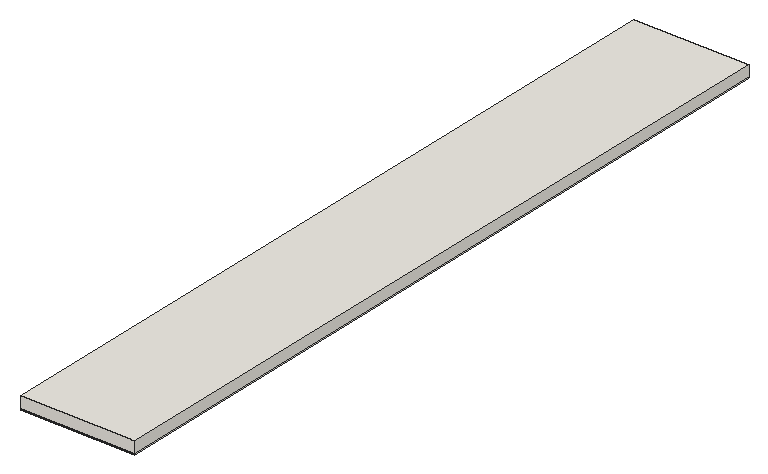
Revit family "ERA_LF_CR_SPO-7-40", category Осветительные приборы, Revit 2019
Family settings
  Размер круглого соединителя = Использовать диаметр
  Тип детали = Нормальный
  Номер OmniClass = 23.80.70.00
  Заголовок OmniClass = Lighting
  На основе рабочей плоскости = Нет
  Всегда вертикально = Да
  При загрузке вырезать с полостями = Нет
  Источник света = Да
  Общий = Нет
  Точка расчета площади = Да
Parameters (values of type "SPO-7-40-4K-M, LED, IP40, 1200х180х19 мм (ДхШхВ), 40 Вт, 4000 К, 2800 лм, класс защиты I, в комплекте (импульсный драйвер, поликарбонат)")
  built-in parameter 1150104 = 13.8 (stored number, unit not read)
  Чаша подвеса [instance] = yes
  built-in parameter 1150134 = 2
  Файл фотометрической сетки = "SPO-7-40-4K-M.ies"
  Угол наклона = 90.00°
  built-in parameter 1150142 = "IESNA:LM-63-2002\r\n[OTHER] \r\n[MANUFAC] ЭРА\r\n[LUMCAT] \r\n[LUMINAIRE] SPO-7-40-4K-M\r\n[TEST] 2245\r\n[TESTLAB]\r\n[LAMPCAT] \r\n[LAMP] LED\r\n[ISSUEDATE] \r\nTILT=NONE\r\n1 3200.000000 3.239 91 10 1 2 1.2000 0.18000 0.020000\r\n1 1 36.7\r\n0.0 2.0 4.0 6.0 8.0 10.0 12.0 14.0 16.0 18.0 20.0 22.0 24.0 26.0 28.0 30.0 32.0 34.0 36.0 38.0 40.0 42.0 44.0 46.0 48.0 50.0 52.0 54.0 56.0 58.0 60.0 62.0 64.0 66.0 68.0 70.0 72.0 74.0 76.0 78.0 80.0 82.0 84.0 86.0 88.0 90.0 92.0 94.0 96.0 98.0 100.0 102.0 104.0 106.0 108.0 110.0 112.0 114.0 116.0 118.0 120.0 122.0 124.0 126.0 128.0 130.0 132.0 134.0 136.0 138.0 140.0 142.0 144.0 146.0 148.0 150.0 152.0 154.0 156.0 158.0 160.0 162.0 164.0 166.0 168.0 170.0 172.0 174.0 176.0 178.0 180.0\r\n0.000 10.000 20.000 30.000 40.000 50.000 60.000 70.000 80.000 90.000\r\n284.6 284.2 283.5 282.8 281.3 279.9 277.7 275.2 272.5 269.5 266.0 262.1 258.1 253.6 248.6 243.5 238.1 232.2 225.9 219.6 212.8 205.9 198.5 191.0 183.4 175.7 167.8 159.7 151.7 143.5 135.0 127.3 119.2 111.2 103.7 95.9 88.7 81.5 74.7 67.9 61.2 54.9 49.0 43.2 37.8 33.1 28.6 24.5 20.9 17.8 14.9 12.4 10.3 8.5 7.0 5.9 5.2 4.5 4.0 3.4 3.1 3.1 3.1 3.1 3.1 3.1 3.1 3.1 3.1 3.1 3.1 3.2 3.2 3.2 3.2 3.2 3.2 3.2 3.2 3.4 3.4 3.4 3.4 3.2 3.1 3.1 2.9 2.7 3.1 3.2 3.6\r\n284.6 284.4 283.5 282.4 281.3 279.7 277.7 275.2 272.5 269.3 265.9 262.1 258.1 253.4 248.6 243.4 237.8 232.2 226.1 219.4 212.9 205.9 198.5 191.0 183.4 175.7 167.8 159.7 151.6 143.5 135.0 127.1 119.2 111.2 103.5 95.9 88.7 81.5 74.5 67.9 61.0 54.9 48.8 43.0 37.8 32.9 28.4 24.3 20.7 17.6 14.8 12.2 10.3 8.5 6.8 6.1 5.2 4.5 4.0 3.4 2.9 2.9 2.9 3.1 3.1 3.1 3.1 3.1 3.1 3.1 3.1 3.1 3.1 3.1 3.2 3.2 3.2 3.2 3.2 3.4 3.4 3.4 3.2 3.2 3.1 2.9 2.9 2.9 3.1 3.2 3.6\r\n284.6 284.2 283.5 282.4 281.3 279.7 277.6 275.2 272.5 269.3 265.9 262.3 257.9 253.6 248.6 243.5 237.8 232.2 226.1 219.4 212.8 205.7 198.7 191.0 183.2 175.7 167.8 159.5 151.6 143.3 135.0 127.1 119.0 111.1 103.5 95.9 88.6 81.4 74.3 67.7 60.8 54.5 48.6 42.8 37.6 32.6 28.3 24.1 20.7 17.5 14.6 12.2 10.1 8.3 6.8 5.9 5.2 4.5 3.8 3.2 3.1 3.1 3.1 3.1 3.1 3.1 3.1 3.1 3.1 3.1 3.2 3.2 3.2 3.2 3.2 3.2 3.2 3.2 3.2 3.4 3.4 3.4 3.2 3.2 3.1 2.9 2.9 2.9 3.1 3.2 3.4\r\n284.6 284.2 283.7 282.4 281.3 279.7 277.7 275.4 272.5 269.3 266.0 262.1 257.9 253.4 248.6 243.4 237.8 232.0 225.9 219.6 212.8 205.7 198.5 191.0 183.4 175.5 167.8 159.5 151.6 143.3 134.8 127.1 119.0 111.1 103.3 95.8 88.4 81.2 74.2 67.3 60.5 54.4 48.2 42.5 37.3 32.2 27.7 23.8 20.3 17.1 14.4 12.1 9.9 8.3 6.8 5.8 5.0 4.3 3.8 3.2 2.9 2.9 2.9 2.9 3.1 3.1 3.1 3.1 3.1 3.1 3.1 3.2 3.2 3.2 3.2 3.2 3.2 3.2 3.2 3.4 3.2 3.2 3.4 3.2 3.1 2.9 3.1 2.9 3.1 3.2 3.2\r\n284.8 284.2 283.5 282.4 281.2 279.7 277.6 275.2 272.5 269.3 265.9 262.1 258.1 253.4 248.6 243.2 237.8 232.0 226.1 219.4 212.6 205.6 198.2 191.0 183.1 175.3 167.4 159.3 151.6 143.1 134.8 126.7 118.8 110.9 103.1 95.6 88.0 80.8 73.8 67.0 60.1 53.8 47.7 42.1 36.7 31.9 27.5 23.6 20.0 16.9 14.0 11.7 9.7 7.9 6.7 5.6 5.0 4.3 3.6 3.1 2.7 2.7 2.7 2.9 2.9 2.9 3.1 3.1 3.1 3.1 3.1 3.2 3.2 3.2 3.2 3.2 3.2 3.2 3.2 3.2 3.4 3.4 3.4 3.2 3.2 3.1 2.9 2.9 3.1 3.2 3.2\r\n284.8 284.2 283.7 282.4 281.3 279.7 277.7 275.2 272.5 269.5 265.9 262.1 258.1 253.4 248.6 243.4 237.8 232.0 225.9 219.4 212.6 205.7 198.4 190.8 183.2 175.3 167.4 159.1 151.4 142.9 134.6 126.7 118.6 110.7 103.0 95.2 87.8 80.6 73.4 66.6 59.8 53.5 47.5 41.6 36.2 31.5 27.0 23.0 19.6 16.6 13.9 11.5 9.5 7.7 6.5 5.4 4.7 4.1 3.4 3.1 2.7 2.7 2.7 2.7 2.7 2.9 2.9 2.9 3.1 3.1 3.1 3.2 3.2 3.2 3.2 3.2 3.2 3.2 3.2 3.4 3.4 3.4 3.4 3.2 3.2 3.1 2.9 2.9 2.9 3.2 3.2\r\n284.8 284.2 283.7 282.4 281.3 279.5 277.6 275.2 272.5 269.3 265.9 262.1 257.9 253.4 248.6 243.4 237.8 232.0 225.7 219.2 212.6 205.7 198.4 190.8 183.1 175.3 167.4 159.1 151.2 142.9 134.5 126.5 118.4 110.5 102.6 95.0 87.5 80.3 73.1 66.2 59.4 53.1 47.0 41.2 36.0 31.1 26.6 22.7 19.3 16.2 13.5 11.2 9.2 7.4 6.1 5.2 4.5 4.0 3.4 2.9 2.5 2.5 2.7 2.7 2.7 2.9 2.9 3.1 3.1 3.1 3.1 3.2 3.2 3.2 3.2 3.2 3.4 3.4 3.4 3.4 3.4 3.4 3.4 3.4 3.2 3.1 2.9 2.9 2.9 3.1 3.2\r\n284.6 284.2 283.7 282.4 281.3 279.9 277.7 275.4 272.5 269.3 265.7 262.1 258.1 253.4 248.4 243.4 237.8 232.0 225.7 219.2 212.4 205.6 198.2 190.6 183.1 175.1 167.0 159.1 151.2 142.7 134.5 126.4 118.3 110.3 102.4 94.9 87.3 79.9 72.9 65.9 59.0 52.7 46.8 41.0 35.6 30.8 26.5 22.5 19.1 16.0 13.3 10.8 8.8 7.2 5.8 5.0 4.3 3.8 3.4 2.9 2.7 2.7 2.7 2.7 2.9 2.9 2.9 3.1 3.1 3.1 3.1 3.2 3.2 3.2 3.2 3.4 3.4 3.4 3.4 3.4 3.4 3.4 3.4 3.4 3.2 3.1 3.1 2.9 2.9 3.1 3.2\r\n284.9 284.2 283.5 282.6 281.3 279.5 277.6 275.4 272.5 269.3 265.9 262.1 257.9 253.4 248.4 243.2 237.6 232.0 225.7 219.2 212.6 205.6 198.2 190.6 182.9 175.1 167.2 159.1 151.0 142.7 134.3 126.4 118.3 110.2 102.2 94.7 87.1 79.9 72.7 65.9 59.0 52.7 46.6 40.9 35.5 30.6 26.1 22.3 18.5 14.6 11.5 9.4 7.6 6.3 5.2 4.5 4.0 3.6 3.2 2.9 2.7 2.7 2.7 2.9 2.9 2.9 3.1 3.1 3.1 3.1 3.2 3.2 3.2 3.2 3.2 3.4 3.4 3.4 3.4 3.4 3.4 3.6 3.4 3.4 3.2 3.1 3.1 2.9 2.9 3.1 3.2\r\n284.9 284.2 283.5 282.4 281.2 279.7 277.7 275.4 272.5 269.5 265.9 262.1 257.9 253.4 248.4 243.2 237.8 232.0 225.7 219.2 212.2 205.4 198.4 190.6 182.9 175.1 167.0 158.9 151.0 142.7 134.3 126.2 118.1 110.2 102.2 94.7 87.3 79.7 72.9 65.9 59.0 52.7 46.8 40.7 35.5 30.6 26.1 22.3 18.5 13.5 10.8 9.0 7.4 6.1 5.2 4.5 4.1 3.6 3.2 2.9 2.7 2.7 2.7 2.9 2.9 2.9 2.9 2.9 3.2 3.2 3.2 3.2 3.2 3.2 3.4 3.4 3.4 3.4 3.6 3.6 3.6 3.6 3.6 3.4 3.2 3.2 3.1 3.1 3.1 3.1 3.2\r\n"
  _УГО_Ширина = if(_Корпус_Ширина / УГО_Масштаб < 1.00 mm, 1.00 mm, _Корпус_Ширина / УГО_Масштаб)  # 1.80 mm
  УГО_Масштаб = 100
  _УГО_Длина = if(_Корпус_Длина / УГО_Масштаб < 1.00 mm, 1.00 mm, _Корпус_Длина / УГО_Масштаб)  # 12.00 mm
  _УГО_Диаметр = if(_Корпус_Длина / УГО_Масштаб < 1.00 mm, 1.00 mm, _Корпус_Длина / УГО_Масштаб)  # 12.00 mm
  УГО_Видимость [instance] = not(УГО_Реальный размер)  # yes
  УГО_Аварийный [instance] = no
  Тип установки = "Потолочный"
  Степень защиты IP = "IP40"
  built-in parameter 1150137 = (empty or 0)
  built-in parameter 1150132 = 2
  built-in parameter 1150114 = 1 (stored number, unit not read)
  Dimming Lamp Color Temperature Shift = (empty or 0)
  built-in parameter 1150105 = 417.78 (stored number, unit not read)
  Color Filter = 16777215
  Lumens = 2800 lm
  Разработчик модели = "https://www.teslabim.ru"
  built-in parameter 1150109 = 1 (stored number, unit not read)
  built-in parameter 1150112 = 1 (stored number, unit not read)
  built-in parameter 1150110 = 1 (stored number, unit not read)
  built-in parameter 1150113 = 1 (stored number, unit not read)
  built-in parameter 1150115 = 1 (stored number, unit not read)
  built-in parameter 1114218 = 1 (stored number, unit not read)
  built-in parameter 1114217 = 1 (stored number, unit not read)
  built-in parameter 1150106 = 4.1778 (stored number, unit not read)
  Emit from Rectangle Width = _Корпус_Ширина  # 180.00 mm
  Emit from Rectangle Length = _Корпус_Длина  # 1200.00 mm
  _Корпус_Ширина = if(ADSK_Размер_Ширина < 1.00 mm, 1.00 mm, ADSK_Размер_Ширина)  # 180.00 mm
  _Корпус_Длина = if(ADSK_Размер_Длина < 1.00 mm, 1.00 mm, ADSK_Размер_Длина)  # 1200.00 mm
  built-in parameter 1150133 = 10 (stored number, unit not read)
  Wattage = 35.3435 W
  built-in parameter 1150139 = (empty or 0)
  built-in parameter 1114216 [instance] = 1 (stored number, unit not read)
  Цвет = Белый
  УГО_Реальный размер [instance] = no
  Description = ""
  Lamp = ""
  Комплект = "Импульсный драйвер, поликарбонат"
  Класс пожароопасности = "Нет"
  Класс защиты = "I"
  built-in parameter 1150138 = (empty or 0)
  built-in parameter 1150107 = 4000 (stored number, unit not read)
  built-in parameter 1150102 = (empty or 0)
  Источник света = "LED"
  Manufacturer = ""
  Геометрия изделия = "Прямоугольный"
  Видимая форма излучения при визуализации = no
  _УГО_Аварийный [instance] = if(УГО_Аварийный, "A", " ")  # " "
  _Корпус_Диаметр = if(ADSK_Размер_Диаметр < 1.00 mm, 1.00 mm, ADSK_Размер_Диаметр)  # 1.00 mm
  _Корпус_Высота = if(ADSK_Размер_Высота < 1.00 mm, 1.00 mm, ADSK_Размер_Высота)  # 19.00 mm
  URL = "https://www.eraworld.ru/catalog/1009366"
  ADSK_Размер_Ширина = 180.00 mm
  ADSK_Размер_Длина = 1200.00 mm
  ADSK_Размер_Диаметр = 0.00 mm
  ADSK_Примечание = "Импульсный драйвер, поликарбонат"
  ADSK_Полная мощность = ADSK_Номинальная мощность / ADSK_Коэффициент мощности  # 44.4444 VA
  ADSK_Позиция = ""
  ADSK_Номинальная мощность = 40 W
  ADSK_Напряжение = 230 V
  ADSK_Наименование краткое = "Светильник"
  ADSK_Масса = 1.08
  ADSK_Марка = "SPO-7-40-4K-M"
  ADSK_Коэффициент мощности = 0.9
  ADSK_Количество фаз = 1
  ADSK_Код изделия = ""
  ADSK_Классификация нагрузок = Освещение
  ADSK_Размер_Высота = 19.00 mm
  ADSK_Обозначение = ADSK_Марка  # "SPO-7-40-4K-M"
  ADSK_Наименование = "Светильник, LED, прямоугольный, потолочный, IP40, 1200х180х19 мм (ДхШхВ), 40 Вт, 4000 К, 2800 лм, класс защиты I, в комплекте (импульсный драйвер, поликарбонат)"
  ADSK_Завод-изготовитель = "ЭРА"
  ADSK_Единица измерения = "шт."
Reference planes
  plane 1 "По центру (Вперед/Назад)": y = 0
  plane 2: z = 0
  plane 3 "По центру (Влево/Вправо)": x = 0
  plane 4 "ИС": z = -19
  plane 5 "H": z = 0
Dimensions and locks
  "ADSK_Размер_Высота": plane 4 "ИС" to plane 5 "H"
  aligned and locked: level to plane 2
  aligned and locked: imposter light to plane 4 "ИС"
  aligned and locked: nested 2 to plane 3 "По центру (Влево/Вправо)"
  aligned and locked: plane 1 "По центру (Вперед/Назад)" to nested 2
  aligned and locked: plane 2 to plane 5 "H"
Nested families
  nested 1: "GA_УГО" at (0, 0, 0), visible <- "УГО_Видимость", Аварийный <- "УГО_Аварийный", type "Прямоугольник", detail levels coarse+medium
    with Аварийный no, Ширина 1.80 mm, Длина 12.00 mm
  nested 2: "GM_ОП_Пр_Корпус" at (0, 0, 0) x (-1, 0, 0) z (0, 0, -1), type "GM_ОП_Пр_Корпус"
    with Рассеиватель_Высота 0.95 mm, Корпус_Ширина 180.00 mm, Корпус_Длина 1200.00 mm, Корпус_Высота 19.00 mm, Кант_Ширина 9.00 mm
Connectors
  electrical at (0, 0, 0), driven by "ADSK_Коэффициент мощности", driven by "ADSK_Количество фаз", driven by "ADSK_Классификация нагрузок", driven by "ADSK_Напряжение", driven by "ADSK_Полная мощность"
    settings: index 1, voltage 230 V, apparent load 44.4444 VA, apparent load phase1 0 VA, apparent load phase2 0 VA, apparent load phase3 0 VA, power factor 0.9, load classification "Освещение", number of poles 1, system type 30, power factor state 1, is connector primary yes, connector utility no, sub classification motor no, connector description ""
Definition of nested family "GM_ОП_Пр_Корпус"
  Parameters (values of type "GM_ОП_Пр_Корпус")
    Рассеиватель_Высота = Корпус_Высота * 0.05  # 1.15 mm
    Корпус_Ширина = 60.00 mm
    Цвет = none
    Реальный размер = no
    Default Elevation = 1000.00 mm
    Корпус_Длина = 600.00 mm
    Корпус_Высота = 23.00 mm
    Кант_Ширина = Корпус_Ширина * 0.05  # 3.00 mm
  Reference planes
    plane 1 "По центру (Вперед/Назад)": y = 0
    plane 2: z = 0
    plane 3 "По центру (Влево/Вправо)": x = 0
    plane 4 "Ш1": x = 30
    plane 5 "Ш2": x = -30
    plane 6 "Д1": y = 300
    plane 7 "Д2": y = -300
    plane 8 "В": z = 23
    plane 9 "Р": z = 21.85
  Forms (mm)
    Extrusion 1, solid, material <- "Цвет", detail levels fine
      sketch origin (0, 0, 0) x (1, 0, 0) y (0, 1, 0)
        loop
          line (30, -300) -> (30, 300) -> (-30, 300) -> (-30, -300) -> (30, -300)
      from 0 to 21.85
    Extrusion 2, solid, visible <- "Реальный размер", detail levels coarse+medium
      sketch origin (0, 0, 0) x (1, 0, 0) y (0, 1, 0)
        loop
          line (-30, 300) -> (-30, -300) -> (30, -300) -> (30, 300) -> (-30, 300)
      from 0 to 23 <- "Корпус_Высота"
  Dimensions and locks
    equal spacing: plane 5 "Ш2", plane 3 "По центру (Влево/Вправо)", plane 4 "Ш1"
    "Корпус_Ширина": plane 5 "Ш2" to plane 4 "Ш1"
    equal spacing: plane 6 "Д1", plane 1 "По центру (Вперед/Назад)", plane 7 "Д2"
    "Корпус_Длина": plane 6 "Д1" to plane 7 "Д2"
    "Корпус_Высота": plane 2 to plane 8 "В"
    "Рассеиватель_Высота": plane 9 "Р" to plane 8 "В"
    aligned and locked: level to plane 2
    aligned and locked: Extrusion 1 to plane 5 "Ш2"
    aligned and locked: Extrusion 1 to plane 4 "Ш1"
    aligned and locked: Extrusion 1 to plane 6 "Д1"
    aligned and locked: plane 7 "Д2" to Extrusion 1
    aligned and locked: plane 6 "Д1" to Extrusion 2 sketch curve
    aligned and locked: Extrusion 2 sketch curve to plane 7 "Д2"
    aligned and locked: Extrusion 2 sketch curve to plane 5 "Ш2"
    aligned and locked: Extrusion 2 sketch curve to plane 4 "Ш1"
    aligned and locked: Extrusion 1 to plane 2
    aligned and locked: Extrusion 2 to plane 2
    aligned and locked: nested 1 to plane 8 "В"
    aligned and locked: plane 3 "По центру (Влево/Вправо)" to nested 1
    aligned and locked: plane 1 "По центру (Вперед/Назад)" to nested 1
    aligned and locked: Extrusion 1 to plane 9 "Р"
  Automatic sketch dimensions
    Extrusion 1 sketch curve to plane 5 "Ш2" = 0.00 mm
    Extrusion 1 sketch curve to plane 4 "Ш1" = 0.00 mm
    plane 7 "Д2" to Extrusion 1 sketch curve = 0.00 mm
    plane 6 "Д1" to Extrusion 1 sketch curve = 0.00 mm
  Nested families
    nested 1: "GM_ОП_Пр_Рассеиватель" at (0, 0, 21.85), type "GM_ОП_Пр_Рассеиватель"
      with Корпус_Ширина 60.00 mm, Корпус_Длина 600.00 mm, Корпус_Высота 1.15 mm
  Definition of nested family "GM_ОП_Пр_Рассеиватель"
    Parameters (values of type "GM_ОП_Пр_Рассеиватель")
      Корпус_Ширина = 80.00 mm
      Цвет = none
      Default Elevation = 1000.00 mm
      Корпус_Длина = 100.00 mm
      Корпус_Высота = 1.30 mm
      Кант_Ширина = 5.00 mm
    Reference planes
      plane 1 "По центру (Вперед/Назад)": y = 0
      plane 2: z = 0
      plane 3 "По центру (Влево/Вправо)": x = 0
      plane 4 "Ш1": x = 40
      plane 5 "Ш2": x = -40
      plane 6 "Д1": y = 50
      plane 7 "Д2": y = -50
    Forms (mm)
      Extrusion 1, solid, material <- "Цвет", detail levels fine
        sketch origin (0, 0, 0) x (1, 0, 0) y (0, 1, 0)
          loop
            line (40, -50) -> (40, 50) -> (-40, 50) -> (-40, -50) -> (40, -50)
          loop
            line (-35, 45) -> (-35, -45) -> (35, -45) -> (35, 45) -> (-35, 45)
        from 0 to 1.3 <- "Корпус_Высота"
      Extrusion 2, solid, detail levels fine
        sketch origin (20, -32.684, 0) x (1, 0, 0) y (0, 1, 0)
          loop
            line (-55, 77.684) -> (-55, -12.316) -> (15, -12.316) -> (15, 77.684) -> (-55, 77.684)
        from 0 to 1.3 <- "Корпус_Высота"
    Dimensions and locks
      equal spacing: plane 5 "Ш2", plane 3 "По центру (Влево/Вправо)", plane 4 "Ш1"
      "Корпус_Ширина": plane 5 "Ш2" to plane 4 "Ш1"
      equal spacing: plane 6 "Д1", plane 1 "По центру (Вперед/Назад)", plane 7 "Д2"
      "Корпус_Длина": plane 6 "Д1" to plane 7 "Д2"
      "Кант_Ширина": plane 5 "Ш2" to Extrusion 2 sketch curve
      "Кант_Ширина": Extrusion 2 sketch curve to plane 4 "Ш1"
      "Кант_Ширина": plane 6 "Д1" to Extrusion 2 sketch curve
      "Кант_Ширина": plane 7 "Д2" to Extrusion 2 sketch curve
      aligned and locked: level to plane 2
      aligned and locked: plane 5 "Ш2" to Extrusion 1
      aligned and locked: Extrusion 1 to plane 4 "Ш1"
      aligned and locked: Extrusion 1 to plane 6 "Д1"
      aligned and locked: plane 7 "Д2" to Extrusion 1
      aligned and locked: Extrusion 1 to plane 2
      aligned and locked: Extrusion 1 sketch curve to Extrusion 2  (x4)
    Automatic sketch dimensions
      Extrusion 1 sketch curve to plane 5 "Ш2" = 0.00 mm
      Extrusion 1 sketch curve to plane 4 "Ш1" = 0.00 mm
      plane 7 "Д2" to Extrusion 1 sketch curve = 0.00 mm
      plane 6 "Д1" to Extrusion 1 sketch curve = 0.00 mm
Definition of nested family "GA_УГО"
  Parameters (values of type "Прямоугольник")
    Ширина = 10.00 mm
    Прямоугольник = yes
    Круг = no
    Длина = 10.00 mm
    Диаметр = 10.00 mm
    Аварийный [instance] = yes
  Types (3, lengths in mm): name | Прямоугольник | Круг | Аварийный
    Круг | no | yes | yes
    Прямоугольник | yes | no | yes
    Нет | no | no | no
  Reference planes
    plane 1: y = 0
    plane 2: x = 0
  Lines and regions (mm)
    detail lines, visible <- "Круг"
      curve 1: circle (0, 0, 0) r 5 normal (0, 0, 1)
    detail lines, visible <- "Прямоугольник"
      curve 2: line (-5, -5, 0) -> (5, -5, 0)
      curve 3: line (-5, 5, 0) -> (-5, -5, 0)
      curve 4: line (5, 5, 0) -> (-5, 5, 0)
      curve 5: line (5, -5, 0) -> (5, 5, 0)
  Text (mm)
    text "А" at (-0.656, 1.428, 0), visible <- "Аварийный"
  Dimensions and locks
    equal spacing: curve 3, plane 2, curve 5
    equal spacing: curve 2, plane 1, curve 4
    "Ширина": curve 3 to curve 5
    "Длина": curve 2 to curve 4
    "Диаметр": diameter of curve 1
    aligned and locked: plane 2 to curve 1
    aligned and locked: plane 1 to curve 1
Types (4, lengths in mm): name | Файл фотометрической сетки | built-in parameter 1150142 | built-in parameter 1150107 | URL | ADSK_Масса | ADSK_Марка | ADSK_Обозначение | ADSK_Наименование
  SPO-7-40-6K-P, LED, IP40, 1200х180х19 мм (ДхШхВ), 40 Вт, 6500 К, 2800 лм, класс защиты I, в комплекте (импульсный драйвер, поликарбонат) | "SPO-7-40-6K-P.ies" | "IESNA:LM-63-1995\r\n[DATA] 10.12.2020\r\n[MANUFAC]??РА \r\n[LUMCAT] \r\n[LUMINAIRE] Светильник SPO-7-40-6K-P[4]\r\n[LAMP] Светодиодный модуль\r\nTILT=NONE\r\n1 3358 3.356 91 1 1 2 1.2 0.08 0.018\r\n1 1 35.027\r\n0 1 2 3 4 5 6 7 8 9 10 11 12 13 14 15 16 17 18 19 20 21 22 23 24 25 26 27 28 29 30 31 32 33 34 35 36 37 38 39 40 41 42 43 44 45 46 47 48 49 50 51 52 53 54 55 56 57 58 59 60 61 62 63 64 65 66 67 68 69 70 71 72 73 74 75 76 77 78 79 80 81 82 83 84 85 86 87 88 89 90 \r\n0\r\n379.1 379.2 379 378.7 378.2 377.6 376.7 375.8 374.6 373.3 371.7 370 368.1 366 363.7 361.2 358.6 355.8 353 350.1 347.2 344.2 341.2 338 334.9 331.5 328.1 324.5 320.7 316.8 312.7 308.5 304.1 299.7 295 290.3 285.5 280.6 275.7 270.8 265.7 260.4 255.1 249.6 244 238.4 232.7 226.9 221 215.1 209 202.8 196.5 190.2 183.8 177.5 171.1 164.8 158.5 152.1 145.8 139.4 133 126.8 120.5 114.2 108 101.8 95.6 89.6 83.6 77.8 72 66.4 60.8 55.3 49.9 44.8 39.7 35 30.4 26.1 22.1 18.2 14.7 11.5 8.8 6.4 4.4 0.7 0" | 6500 (stored number, unit not read) | "https://www.eraworld.ru/catalog/58830" | 1.08 | "SPO-7-40-6K-P" | "SPO-7-40-6K-P" | "Светильник, LED, прямоугольный, потолочный, IP40, 1200х180х19 мм (ДхШхВ), 40 Вт, 6500 К, 2800 лм, класс защиты I, в комплекте (импульсный драйвер, поликарбонат)"
  SPO-7-40-4K-P, LED, IP40, 1200х180х19 мм (ДхШхВ), 40 Вт, 4000 К, 2800 лм, класс защиты I, в комплекте (импульсный драйвер, поликарбонат) | "SPO-7-40-4K-P.ies" | "IESNA:LM-63-1995\r\n[DATA] 10.12.2020\r\n[MANUFAC]??РА \r\n[LUMCAT] \r\n[LUMINAIRE] Светильник SPO-7-40-4K-P[4]\r\n[LAMP] Светодиодный модуль\r\nTILT=NONE\r\n1 3358 3.356 91 1 1 2 1.2 0.08 0.018\r\n1 1 35.02\r\n0 1 2 3 4 5 6 7 8 9 10 11 12 13 14 15 16 17 18 19 20 21 22 23 24 25 26 27 28 29 30 31 32 33 34 35 36 37 38 39 40 41 42 43 44 45 46 47 48 49 50 51 52 53 54 55 56 57 58 59 60 61 62 63 64 65 66 67 68 69 70 71 72 73 74 75 76 77 78 79 80 81 82 83 84 85 86 87 88 89 90 \r\n0\r\n379.1 379.2 379 378.7 378.2 377.6 376.7 375.8 374.6 373.3 371.7 370 368.1 366 363.7 361.2 358.6 355.8 353 350.1 347.2 344.2 341.2 338 334.9 331.5 328.1 324.5 320.7 316.8 312.7 308.5 304.1 299.7 295 290.3 285.5 280.6 275.7 270.8 265.7 260.4 255.1 249.6 244 238.4 232.7 226.9 221 215.1 209 202.8 196.5 190.2 183.8 177.5 171.1 164.8 158.5 152.1 145.8 139.4 133 126.8 120.5 114.2 108 101.8 95.6 89.6 83.6 77.8 72 66.4 60.8 55.3 49.9 44.8 39.7 35 30.4 26.1 22.1 18.2 14.7 11.5 8.8 6.4 4.4 0.7 0" | 4000 (stored number, unit not read) | "https://www.eraworld.ru/catalog/58831" | 1.08 | "SPO-7-40-4K-P" | "SPO-7-40-4K-P" | "Светильник, LED, прямоугольный, потолочный, IP40, 1200х180х19 мм (ДхШхВ), 40 Вт, 4000 К, 2800 лм, класс защиты I, в комплекте (импульсный драйвер, поликарбонат)"
